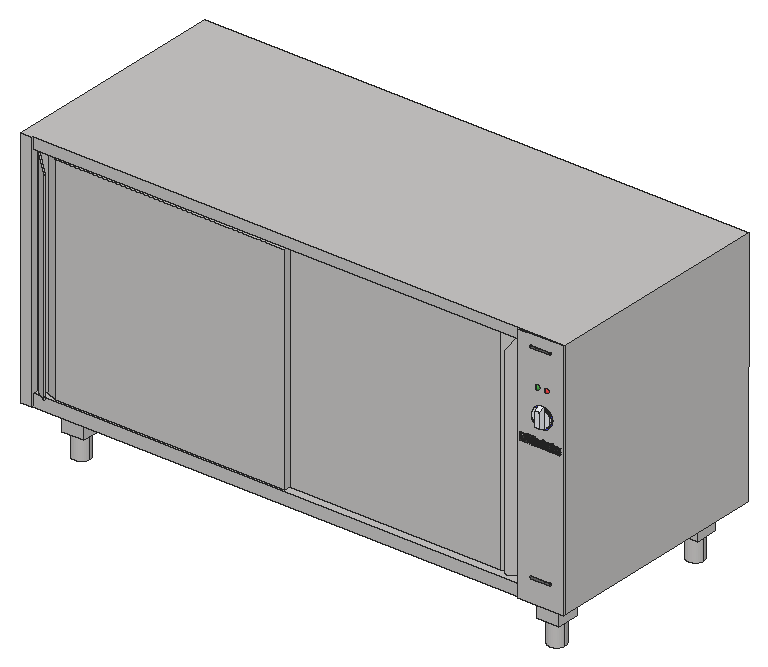
Revit family "QF_ELECTROLUXPROFESSIONAL_121908_TE2SE16", category Attrezzature speciali, Revit 2020
Family settings
  Quota connettore circolare = Usa diametro
  Tipo di parte = Normale
  Basato su piano di lavoro = No
  Sempre verticale = Sì
  Taglio con vuoti quando caricato = No
  Condiviso = No
  Punto di calcolo locali = No
Parameters (values of type "Standard")
  Weight = 102.00 kg
  Watts = 1800 W
  Volts = 230 V
  URL Manufacturer = "https://www.electroluxprofessional.com/"
  URL = "https://www.electroluxprofessional.com/"
  Steam Supply Size = 0 mm
  Steam Supply Minimum Pressure = 0.0 Pa
  Steam Supply Maximum Pressure = 0.0 Pa
  Steam Consumption per Hour = 0
  Refrigeration Suction Line Size = 0.0 mm
  Refrigeration Liquid Line Size = 0.0 mm
  Refrigerant Compressor Remote = yes
  Prospetto di default = 0.0 mm
  Phase = 1
  Modello = "TE2SE16"
  Produttore = "Electrolux Professional"
  Length Actual = 1600.0 mm  # constant formula
  Item Number = "121908"
  Hot Water Size = 0 mm
  Height Actual = 860.0 mm  # constant formula
  HP = "2.4 HP"
  Gas Size = 0 mm
  Gas KW = 0
  Gas Input Pressure = 0 W
  Direct Waste Size = 0 mm
  Descrizione = "HOT CUPBOARD WITH 2 SLIDING DOORS 1600MM"
  Depth Actual = 680.0 mm  # constant formula
  Cycle = 50 Hz
  Condensate Return Size = 0 mm
  Compressed Air Volume = 0.0 L/s
  Compressed Air Size = 0 mm
  Compressed Air Pressure = 0.0 Pa
  Cold Water Size = 0 mm
  Accessory = yes
Reference planes
  plane 1 "Center (Front/Back)": y = 0
  plane 2: z = 0
  plane 3 "Center (Left/Right)": x = -300
  plane 4 "LEFT": x = -1100
  plane 5 "RIGHT": x = 500
  plane 6 "BACK": y = 340
  plane 7 "FRONT": y = -340
  plane 8 "Base": z = 860
  plane 9 "TOP": z = 900
  plane 10: x = -1000
  plane 11: x = 400
  plane 12: y = 270
  plane 13: y = -240
  plane 14 "FEET": z = 150
  plane 15: x = -1066
  plane 16: y = -337
  plane 17: y = 310
  plane 18: x = 366
  plane 19 "EIy": x = 468
  plane 20 "EIx": y = -90
Forms (mm)
  Extrusion 1, solid, material "QF_Finishes_Stainless Steel"
    sketch origin (0, 0, 150) x (-1, 0, 0) y (0, -1, 0)
      loop
        line (1100, -340) -> (1100, 340) -> (1066, 340) -> (1066, -340) -> (1100, -340)
      loop
        line (-366, -340) -> (-366, 337) -> (-500, 337) -> (-500, -340) -> (-366, -340)
    from 0 to 710
  Extrusion 2, solid, material "QF_Finishes_Stainless Steel"
    sketch origin (0, 0, 150) x (-1, 0, 0) y (0, -1, 0)
      loop
        line (1066, -310) -> (1066, 337) -> (-366, 337) -> (-366, -310) -> (1066, -310)
    from 0 to 35
  Extrusion 3, solid, material "QF_Finishes_Stainless Steel"
    sketch origin (0, 0, 0) x (1, 0, 0) y (0, 1, 0)
      loop
        line (-1066, -337) -> (366, -337) -> (366, 340) -> (-1066, 340) -> (-1066, -337)
    from 830 to 860
  Extrusion 4, solid, material "QF_Finishes_Stainless Steel"
    sketch origin (0, 0, 150) x (-1, 0, 0) y (0, -1, 0)
      loop
        line (1066, -340) -> (1066, -310) -> (-366, -310) -> (-366, -340) -> (1066, -340)
    from 680 to 0
  Extrusion 5, solid, material "QF_Finishes_Stainless Steel"
    sketch origin (0, -340, 0) x (-1, 0, 0) y (0, 0, 1)
      loop
        line (301, 185) -> (301, 187) -> (299, 187) -> (299, 185) -> (301, 185)
    from 45 to 43
  Extrusion 6, solid, material "QF_Finishes_Stainless Steel"
    sketch origin (0, 0, 150) x (-1, 0, 0) y (0, -1, 0)
      loop
        circle (-468, 90) r 10
    from 0 to -5
  Extrusion 7, solid, material "QF_Finishes_Stainless Steel"
    sketch origin (0, 0, 150) x (-1, 0, 0) y (0, -1, 0)
      loop
        line (376.5, 317) -> (-298, 317) -> (-333, 302) -> (-363, 302) -> (-363, 297) -> (376.5, 297) -> (376.5, 317)
    from 675 to 40
  Extrusion 8, solid, material "QF_Finishes_Stainless Steel"
    sketch origin (0, 0, 150) x (-1, 0, 0) y (0, -1, 0)
      loop
        line (-321, 331) -> (-349, 316) -> (-363, 302) -> (-360.172, 302) -> (-347.795, 314.377) -> (-320.056, 329.237) -> (-321, 331)
    from 675 to 40
  Extrusion 9, solid, material "QF_Finishes_Stainless Steel"
    sketch origin (0, 0, 150) x (-1, 0, 0) y (0, -1, 0)
      loop
        line (323.481, 337) -> (323.481, 317) -> (1063, 317) -> (1063, 322) -> (1033, 322) -> (998, 337) -> (323.481, 337)
    from 675 to 40
  Extrusion 10, solid, material "QF_Finishes_Stainless Steel"
    sketch origin (0, 0, 150) x (-1, 0, 0) y (0, -1, 0)
      loop
        line (1021, 351) -> (1020.056, 349.237) -> (1047.795, 334.377) -> (1060.172, 322) -> (1063, 322) -> (1049, 336) -> (1021, 351)
    from 675 to 40
  Extrusion 11, void
    sketch origin (-318.5, -342.5, 2438.308) x (-1, 0, 0) y (0, 0, 1)
      loop
        line (697, -1610) -> (697, -1661.75) -> (731.5, -1610) -> (697, -1610)
      loop
        line (701.556, -2245) -> (711.556, -2245)
        arc (711.556, -2245) -> (704.484, -2242.071) -> (701.556, -2235) r 10
        line (701.556, -2235) -> (701.556, -2245)
    from -13.118 to 9.689
  Extrusion 12, void
    sketch origin (-481.5, -342.5, 2430) x (1, 0, 0) y (0, 0, -1)
      loop
        line (797, 1605) -> (831.5, 1605) -> (797, 1656.75) -> (797, 1605)
      loop
        line (801.556, 2240) -> (801.556, 2230)
        arc (801.556, 2230) -> (804.484, 2237.071) -> (811.556, 2240) r 10
        line (811.556, 2240) -> (801.556, 2240)
    from 5.5 to 29.918
Cuts and joins
  joined: Extrusion 1, Extrusion 3, Extrusion 4
  Extrusion 11 cuts Extrusion 10
  Extrusion 12 cuts Extrusion 8
Lines and regions (mm)
  symbolic lines, style "SpecialityEquipmentHiddenLines"
    curve 1: line (500, 340, 900) -> (-1100, 340, 900)
    curve 2: line (500, -340, 900) -> (500, 340, 900)
    curve 3: line (-1100, -344.5, 150) -> (-1100, 340, 150)
    curve 4: line (-1100, -340, 150) -> (-1066, -340, 150)
    curve 5: line (-1066, -340, 150) -> (-1066, -337, 150)
    curve 6: line (-1066, -337, 150) -> (366, -337, 150)
    curve 7: line (366, -337, 150) -> (366, -340, 150)
    curve 8: line (366, -340, 150) -> (500, -340, 150)
    curve 9: line (368, -340, 1600) -> (368, -337, 1600)
    curve 11: line (-1068, -337, 1600) -> (-1068, -340, 1600)
    curve 12: line (366, -297, 200) -> (-376.5, -297, 200)
    curve 13: line (-376.5, -297, 200) -> (-376.5, -317, 200)
    curve 14: line (299, -317, 200) -> (-1063, -317, 200)
    curve 18: line (-323.5, -317, 200) -> (-323.5, -337, 200)
    curve 19: line (298, -317, 1600) -> (333, -302, 1600)
    curve 20: line (333, -302, 1600) -> (363, -302, 1600)
    curve 21: line (363, -302, 1600) -> (363, -297, 1600)
    curve 22: line (320.958, -331.023, 1600) -> (348.999, -316.001, 1600)
    curve 23: line (348.999, -316.001, 1600) -> (363, -302, 1600)
    curve 24: line (360.172, -302, 1600) -> (347.795, -314.377, 1600)
    curve 25: line (347.795, -314.377, 1600) -> (319.992, -329.271, 1600)
    curve 26: line (319.992, -329.271, 1600) -> (320.958, -331.023, 1600)
    curve 27: line (-1063, -317, 1600) -> (-1063, -322, 1600)
    curve 28: line (-1063, -322, 1600) -> (-1049, -336, 1600)
    curve 29: line (-1049, -336, 1600) -> (-1047.133, -337, 1600)
    curve 30: line (-1042.884, -337, 1600) -> (-1047.955, -334.283, 1600)
    curve 31: line (-1047.955, -334.283, 1600) -> (-1060.239, -322, 1600)
    curve 32: line (-998, -337, 1600) -> (-1033, -322, 1600)
    curve 33: line (-1033, -322, 1600) -> (-1063, -322, 1600)
  symbolic lines, style "SpecialityEquipment"
    curve 10: line (368, -337, 1600) -> (-1068, -337, 1600)
    curve 15: line (-1047.133, -337, 1600) -> (-1020.985, -351.008, 1600)
    curve 16: line (-1020.985, -351.008, 1600) -> (-1020.038, -349.239, 1600)
    curve 17: line (-1042.884, -337, 1600) -> (-1020.038, -349.239, 1600)
Dimensions and locks
  plane 4 "LEFT" to plane 5 "RIGHT" = 1600.0 mm
  equal spacing: plane 4 "LEFT", plane 3 "Center (Left/Right)", plane 5 "RIGHT"
  plane 6 "BACK" to plane 7 "FRONT" = 680.0 mm
  equal spacing: plane 6 "BACK", plane 1 "Center (Front/Back)", plane 7 "FRONT"
  locked: plane 14 "FEET" to level at 150
  locked: plane 4 "LEFT" to plane 10 at 100
  locked: plane 11 to plane 5 "RIGHT" at 100
  locked: plane 4 "LEFT" to plane 15 at 34
  plane 16 to plane 7 "FRONT" = 3.0 mm
  plane 6 "BACK" to plane 17 = 30.0 mm
  locked: plane 6 "BACK" to plane 12 at 70
  locked: plane 13 to plane 7 "FRONT" at 100
  locked: plane 8 "Base" to level at 860
  locked: plane 9 "TOP" to level at 900
  locked: plane 18 to plane 5 "RIGHT" at 134
  locked: plane 19 "EIy" to plane 5 "RIGHT" at 32
  locked: plane 20 "EIx" to plane 7 "FRONT" at 250
  aligned and locked: level to plane 2
  aligned and locked: plane 10 to nested 1
  aligned and locked: plane 11 to nested 2
  aligned and locked: nested 4 to plane 12
  aligned and locked: plane 10 to nested 3
  aligned and locked: nested 3 to plane 12
  aligned and locked: plane 8 "Base" to Extrusion 1
  aligned and locked: plane 6 "BACK" to Extrusion 1 sketch curve
  aligned and locked: Extrusion 1 sketch curve to plane 6 "BACK"
  aligned and locked: Extrusion 1 sketch curve to plane 7 "FRONT"
  aligned and locked: plane 15 to Extrusion 1
  aligned and locked: Extrusion 2 to plane 15
  aligned and locked: plane 8 "Base" to Extrusion 3
  aligned and locked: Extrusion 2 to plane 16
  aligned and locked: Extrusion 2 to plane 17
  aligned and locked: Extrusion 3 to plane 16
  aligned and locked: plane 15 to Extrusion 4 sketch curve
  aligned and locked: Extrusion 4 sketch curve to plane 6 "BACK"
  aligned and locked: Extrusion 4 sketch curve to plane 17
  aligned and locked: Extrusion 4 to Extrusion 3
  aligned and locked: Extrusion 4 to plane 14 "FEET"
  aligned and locked: plane 6 "BACK" to Extrusion 3
  aligned and locked: nested 1 to plane 13
  aligned and locked: nested 2 to plane 13
  aligned and locked: plane 18 to Extrusion 3
  aligned and locked: Extrusion 2 sketch curve to plane 18
  aligned and locked: nested 4 to nested 2
Automatic sketch dimensions
  curve 2 to plane 5 "RIGHT" = 0.0 mm
  curve 2 to plane 7 "FRONT" = 0.0 mm
  curve 1 to plane 4 "LEFT" = 0.0 mm
  curve 1 to plane 6 "BACK" = 0.0 mm
  Extrusion 1 sketch curve to plane 5 "RIGHT" = 0.0 mm
  Extrusion 1 sketch curve to plane 16 = 0.0 mm
  Extrusion 1 sketch curve to plane 18 = 0.0 mm
  Extrusion 1 sketch curve to plane 15 = 0.0 mm
  Extrusion 1 sketch curve to plane 4 "LEFT" = 0.0 mm
  Extrusion 2 sketch curve to plane 15 = 0.0 mm
  plane 17 to Extrusion 2 sketch curve = 0.0 mm
  Extrusion 2 sketch curve to plane 16 = 0.0 mm
  curve 8 to plane 5 "RIGHT" = 0.0 mm
  curve 8 to plane 7 "FRONT" = 0.0 mm
  curve 8 to plane 18 = 0.0 mm
  curve 6 to plane 15 = 0.0 mm
  curve 3 to plane 4 "LEFT" = 0.0 mm
  curve 3 to plane 6 "BACK" = 0.0 mm
  curve 6 to plane 16 = 0.0 mm
  curve 4 to plane 7 "FRONT" = 0.0 mm
  curve 3 to plane 7 "FRONT" = 4.5 mm
  Extrusion 3 sketch curve to plane 6 "BACK" = 0.0 mm
  Extrusion 3 sketch curve to plane 15 = 0.0 mm
  Extrusion 3 sketch curve to plane 18 = 0.0 mm
  Extrusion 3 sketch curve to plane 16 = 0.0 mm
  Extrusion 4 sketch curve to plane 18 = 0.0 mm
  plane 3 "Center (Left/Right)" to Extrusion 5 sketch curve = 1.0 mm
  Extrusion 5 sketch curve to plane 3 "Center (Left/Right)" = 1.0 mm
  plane 14 "FEET" to Extrusion 5 sketch curve = 35.0 mm
  Extrusion 5 sketch curve to Extrusion 5 sketch curve = 2.0 mm
  Extrusion 6 sketch curve to plane 19 "EIy" = 0.0 mm
  Extrusion 6 sketch curve to plane 20 "EIx" = 0.0 mm
  Extrusion 7 sketch curve to plane 18 = 3.0 mm
  Extrusion 7 sketch curve to Extrusion 7 sketch curve = 30.0 mm
  Extrusion 7 sketch curve to Extrusion 7 sketch curve = 35.0 mm
  Extrusion 7 sketch curve to plane 3 "Center (Left/Right)" = 76.5 mm
  plane 16 to Extrusion 7 sketch curve = 40.0 mm
  Extrusion 7 sketch curve to Extrusion 7 sketch curve = 5.0 mm
  Extrusion 7 sketch curve to Extrusion 7 sketch curve = 20.0 mm
  Extrusion 8 sketch curve to plane 18 = 3.0 mm
  Extrusion 8 sketch curve to Extrusion 8 sketch curve = 2.828 mm
  Extrusion 8 sketch curve to plane 18 = 17.0 mm
  Extrusion 8 sketch curve to Extrusion 8 sketch curve = 1.205 mm
  plane 16 to Extrusion 8 sketch curve = 6.0 mm
  Extrusion 8 sketch curve to Extrusion 8 sketch curve = 26.795 mm
  plane 16 to Extrusion 8 sketch curve = 7.763 mm
  Extrusion 8 sketch curve to Extrusion 8 sketch curve = 0.944 mm
  Extrusion 8 sketch curve to Extrusion 8 sketch curve = 12.377 mm
  Extrusion 9 sketch curve to plane 16 = 0.0 mm
  Extrusion 9 sketch curve to plane 3 "Center (Left/Right)" = 23.481 mm
  plane 10 to Extrusion 9 sketch curve = 2.0 mm
  plane 16 to Extrusion 9 sketch curve = 15.0 mm
  Extrusion 9 sketch curve to plane 10 = 33.0 mm
  plane 15 to Extrusion 9 sketch curve = 3.0 mm
  Extrusion 9 sketch curve to Extrusion 9 sketch curve = 20.0 mm
  Extrusion 10 sketch curve to plane 10 = 20.056 mm
  Extrusion 10 sketch curve to plane 7 "FRONT" = 11.0 mm
  Extrusion 10 sketch curve to Extrusion 10 sketch curve = 0.944 mm
  plane 16 to Extrusion 10 sketch curve = 2.623 mm
  plane 15 to Extrusion 10 sketch curve = 18.205 mm
  plane 16 to Extrusion 10 sketch curve = 1.0 mm
  plane 15 to Extrusion 10 sketch curve = 5.828 mm
  Extrusion 10 sketch curve to Extrusion 10 sketch curve = 2.828 mm
  plane 16 to Extrusion 10 sketch curve = 15.0 mm
  curve 9 to plane 16 = 0.0 mm
  curve 9 to plane 7 "FRONT" = 0.0 mm
  curve 11 to plane 7 "FRONT" = 0.0 mm
  plane 18 to curve 9 = 2.0 mm
  curve 23 to plane 18 = 3.0 mm
  curve 23 to plane 18 = 17.001 mm
  curve 22 to curve 25 = 1.204 mm
  curve 24 to curve 19 = 14.795 mm
  plane 16 to curve 22 = 5.977 mm
  curve 19 to curve 22 = 12.042 mm
  plane 16 to curve 25 = 7.729 mm
  curve 22 to curve 25 = 0.966 mm
  curve 16 to plane 7 "FRONT" = 9.239 mm
  curve 16 to plane 10 = 20.038 mm
  curve 16 to plane 7 "FRONT" = 11.008 mm
  curve 16 to curve 16 = 0.948 mm
  curve 33 to curve 17 = 9.884 mm
  plane 16 to curve 30 = 2.717 mm
  curve 15 to curve 30 = 0.822 mm
  plane 16 to curve 29 = 1.0 mm
  curve 30 to curve 29 = 1.045 mm
  plane 15 to curve 33 = 3.0 mm
  curve 11 to plane 15 = 2.0 mm
  plane 16 to curve 33 = 15.0 mm
  plane 16 to curve 23 = 20.999 mm
  curve 25 to curve 22 = 1.624 mm
  curve 19 to curve 24 = 12.377 mm
  curve 20 to curve 24 = 2.828 mm
  plane 16 to curve 19 = 20.0 mm
  curve 25 to curve 19 = 21.992 mm
  plane 10 to curve 32 = 2.0 mm
  curve 30 to curve 17 = 0.0 mm
  curve 29 to curve 15 = 0.0 mm
  curve 31 to curve 27 = 2.761 mm
  curve 27 to curve 27 = 5.0 mm
  curve 21 to curve 20 = 5.0 mm
  curve 12 to plane 18 = 0.0 mm
  curve 18 to plane 16 = 0.0 mm
  curve 13 to plane 3 "Center (Left/Right)" = 76.5 mm
  plane 16 to curve 13 = 40.0 mm
  plane 16 to curve 14 = 20.0 mm
  curve 14 to plane 18 = 67.0 mm
  curve 18 to plane 3 "Center (Left/Right)" = 23.5 mm
  plane 15 to curve 14 = 3.0 mm
  Extrusion 11 sketch curve to plane 10 = 15.5 mm
  Extrusion 11 sketch curve to plane 10 = 20.056 mm
  Extrusion 11 sketch curve to Extrusion 11 sketch curve = 10.0 mm
  plane 15 to Extrusion 11 sketch curve = 16.0 mm
  plane 14 "FEET" to Extrusion 11 sketch curve = 43.308 mm
  Extrusion 11 sketch curve to plane 8 "Base" = 83.442 mm
  Extrusion 11 sketch curve to plane 8 "Base" = 31.692 mm
  Extrusion 12 sketch curve to plane 18 = 50.5 mm
  Extrusion 12 sketch curve to plane 18 = 45.944 mm
  Extrusion 12 sketch curve to Extrusion 12 sketch curve = 10.0 mm
  Extrusion 12 sketch curve to plane 18 = 16.0 mm
  Extrusion 12 sketch curve to plane 8 "Base" = 35.0 mm
  Extrusion 12 sketch curve to Extrusion 12 sketch curve = 51.75 mm
  plane 14 "FEET" to Extrusion 12 sketch curve = 50.0 mm
  radius of Extrusion 6 sketch curve = 10.0 mm
Nested families
  nested 1: "FEET_L65-150" at (-1000, -240, 0), type "FEET_L65-150"
  nested 2: "FEET_L65-150" at (400, -240, 0), type "FEET_L65-150"
  nested 3: "FEET_L65-150" at (-1000, 270, 0), type "FEET_L65-150"
  nested 4: "FEET_L65-150" at (400, 270, 0), type "FEET_L65-150"
  nested 5: "PANEL_ELX_HOTCUP_134" at (396.958, -337, 150) x (1, 0, 0) z (0, -1, 0), type "PANEL_ELX_HOTCUP_134"
    with Width 134.0 mm, Show Clearance yes
Connectors
  electrical at (468, -90, 145), driven by "Volts"
    settings: on Extrusion 6, index 1, voltage 230 V, apparent load 0 VA, apparent load phase1 0 VA, apparent load phase2 0 VA, apparent load phase3 0 VA, power factor 1, load classification "Other", number of poles 1, system type 30, power factor state 1, is connector primary yes, connector utility no, sub classification motor no, connector description "Electrical Connection"
Definition of nested family "FEET_L65-150"
  Parameters
    Default Elevation = 0.0 mm
    FEET = 150.0 mm
  Reference planes
    plane 1 "Center (Front/Back)": y = 0
    plane 2: z = 0
    plane 3 "Center (Left/Right)": x = 0
    plane 4: z = 150
  Forms (mm)
    Extrusion 1, solid
      sketch origin (0, 0, 0) x (1, 0, 0) y (0, 1, 0)
        loop
          circle (0, 0) r 25
      from 0 to 67
    Extrusion 2, solid
      sketch origin (0, 0, 0) x (1, 0, 0) y (0, 1, 0)
        loop
          line (32.561, 32.5) -> (-32.439, 32.5) -> (-32.439, -32.5) -> (32.561, -32.5) -> (32.561, 32.5)
      from 67 to 150 <- "FEET"
  Lines and regions (mm)
    symbolic lines
      curve 1: line (0, -1.503, 0) -> (0, 1.508, 0)
      curve 2: line (1.561, 0, 0) -> (-1.439, 0, 0)
  Dimensions and locks
    "FEET": plane 4 to plane 2
    aligned and locked: level to plane 2
  Automatic sketch dimensions
    plane 1 "Center (Front/Back)" to Extrusion 1 sketch curve = 0.0 mm
    Extrusion 1 sketch curve to plane 3 "Center (Left/Right)" = 0.0 mm
    plane 1 "Center (Front/Back)" to curve 2 = 0.0 mm
    curve 1 to plane 3 "Center (Left/Right)" = 0.0 mm
    curve 2 to plane 3 "Center (Left/Right)" = 1.439 mm
    plane 3 "Center (Left/Right)" to curve 2 = 1.561 mm
    plane 1 "Center (Front/Back)" to curve 1 = 1.503 mm
    curve 1 to plane 1 "Center (Front/Back)" = 1.508 mm
    Extrusion 2 sketch curve to plane 1 "Center (Front/Back)" = 32.5 mm
    Extrusion 2 sketch curve to plane 3 "Center (Left/Right)" = 32.439 mm
    plane 3 "Center (Left/Right)" to Extrusion 2 sketch curve = 32.561 mm
    plane 1 "Center (Front/Back)" to Extrusion 2 sketch curve = 32.5 mm
    radius of Extrusion 1 sketch curve = 25.0 mm
Definition of nested family "PANEL_ELX_HOTCUP_134"
  Parameters
    Width [instance] = 134.0 mm
    Show Clearance [instance] = yes
    Model = "727995"
    Height = 710.0 mm
    Default Elevation = 0.0 mm
  Reference planes
    plane 1 "Center (Front/Back)": y = 0
    plane 2: z = 0
    plane 3 "Center (Left/Right)": x = 36.042
    plane 4 "panel": z = 3
    plane 5 "Left": x = -30.958
    plane 6 "Right": x = 103.042
    plane 7: y = 710
    plane 8 "L1": x = 26.042
    plane 9 "L2": x = 54.042
    plane 10: y = 575
  Forms (mm)
    Extrusion 1, solid
      sketch origin (0, -919.2, 0) x (1, 0, 0) y (0, 1, 0)
        loop
          line (-980.5, 2119.2) -> (-980.5, -162.846) -> (881.94, -162.846) -> (881.94, 2119.2) -> (-980.5, 2119.2)
      from 0 to -59.546
    Extrusion 2, solid
      sketch origin (36.042, -190, 0) x (0, 1, 0) y (0, 0, 1)
        loop
          line (190, 3) -> (190, 0) -> (900, 0) -> (900, 3) -> (190, 3)
      from 67 to -67
    Extrusion 3, solid
      sketch origin (0, 0, 0) x (1, 0, 0) y (0, 1, 0)
        loop
          line (9.042, 673.5) -> (63.042, 673.5)
          arc (63.042, 673.5) -> (66.042, 676.5) -> (63.042, 679.5) r 3
          line (63.042, 679.5) -> (9.042, 679.5)
          arc (9.042, 679.5) -> (6.042, 676.5) -> (9.042, 673.5) r 3
        loop
          line (9.042, 65) -> (63.042, 65)
          arc (63.042, 65) -> (66.042, 68) -> (63.042, 71) r 3
          line (63.042, 71) -> (9.042, 71)
          arc (9.042, 71) -> (6.042, 68) -> (9.042, 65) r 3
      from 3 to 4.6
    Extrusion 4, solid
      sketch origin (0, 0, 0) x (1, 0, 0) y (0, 1, 0)
        loop
          circle (40.042, 500) r 30
      from 0 to 5
    Extrusion 5, solid
      sketch origin (0, 0, 0) x (1, 0, 0) y (0, 1, 0)
        loop
          circle (40.042, 500) r 26.788
      from 7 to 5
    Blend 6, solid
      base sketch origin (0, 0, 0) x (1, 0, 0) y (0, 1, 0)
        loop
          arc (48.106, 530.45) -> (40.022, 531.5) -> (31.94, 530.44) r 31.5
          line (31.94, 530.44) -> (31.94, 474.458)
          arc (31.94, 474.458) -> (40.023, 473.209) -> (48.106, 474.454) r 26.815
          line (48.106, 474.454) -> (48.106, 530.45)
      top sketch origin (0, 0, 0) x (1, 0, 0) y (0, 1, 0)
        loop
          arc (47.007, 520.889) -> (40.042, 522.019) -> (33.077, 520.889) r 22.019
          line (33.077, 520.889) -> (33.077, 480.699)
          arc (33.077, 480.699) -> (40.042, 479.481) -> (47.007, 480.699) r 20.519
          line (47.007, 480.699) -> (47.007, 520.889)
      from 7 to 20
    Revolve 7, solid
      sketch origin (26.042, 0, 0) x (0, 1, 0) y (0, 0, 1)
        loop
          line (575, 3) -> (581, 3)
          arc (581, 3) -> (578.606, 5.908) -> (575, 7) r 6.5
          line (575, 7) -> (575, 3)
        axis (575, 7) -> (575, 3)
      angle from 0 to 360
    Revolve 8, solid
      sketch origin (54.042, 0, 0) x (0, 1, 0) y (0, 0, 1)
        loop
          line (575, 3) -> (581, 3)
          arc (581, 3) -> (578.606, 5.908) -> (575, 7) r 6.5
          line (575, 7) -> (575, 3)
        axis (575, 7) -> (575, 3)
      angle from 0 to 360
  Dimensions and locks
    plane 4 "panel" to level = 3.0 mm
    "Width": plane 5 "Left" to plane 6 "Right"
    equal spacing: plane 5 "Left", plane 3 "Center (Left/Right)", plane 6 "Right"
    "Height": plane 1 "Center (Front/Back)" to plane 7
    aligned and locked: plane 2 to Extrusion 1
    aligned and locked: level to Extrusion 1
    aligned and locked: plane 7 to Extrusion 2
    aligned and locked: plane 6 "Right" to Extrusion 2
    aligned and locked: Extrusion 2 to plane 5 "Left"
    aligned and locked: plane 1 "Center (Front/Back)" to Extrusion 2
  Automatic sketch dimensions
    Extrusion 1 sketch curve to Extrusion 1 sketch curve = 1862.44 mm
    Extrusion 1 sketch curve to Extrusion 1 sketch curve = 2282.046 mm
    Extrusion 2 sketch curve to plane 1 "Center (Front/Back)" = 0.0 mm
    Extrusion 2 sketch curve to level = 0.0 mm
    Extrusion 2 sketch curve to plane 7 = 0.0 mm
    Extrusion 2 sketch curve to plane 4 "panel" = 0.0 mm
    Extrusion 3 sketch curve to plane 8 "L1" = 17.0 mm  (x2)
    plane 9 "L2" to Extrusion 3 sketch curve = 9.0 mm  (x2)
    Extrusion 3 sketch curve to plane 1 "Center (Front/Back)" = 65.0 mm
    Extrusion 3 sketch curve to Extrusion 3 sketch curve = 3.0 mm  (x2)
    Extrusion 3 sketch curve to plane 7 = 36.5 mm
    plane 3 "Center (Left/Right)" to Extrusion 4 sketch curve = 4.0 mm
    Extrusion 4 sketch curve to plane 10 = 75.0 mm
    plane 3 "Center (Left/Right)" to Extrusion 5 sketch curve = 4.0 mm
    Extrusion 5 sketch curve to plane 10 = 75.0 mm
    Blend 6 sketch curve to plane 3 "Center (Left/Right)" = 4.102 mm
    plane 3 "Center (Left/Right)" to Blend 6 sketch curve = 3.988 mm
    Blend 6 sketch curve to Blend 6 sketch curve = 0.012 mm
    Blend 6 sketch curve to plane 9 "L2" = 5.936 mm
    Blend 6 sketch curve to plane 10 = 100.546 mm
    Blend 6 sketch curve to Blend 6 sketch curve = 0.004 mm
    Blend 6 sketch curve to Blend 6 sketch curve = 0.024 mm
    Blend 6 sketch curve to Blend 6 sketch curve = 30.416 mm
    Blend 6 sketch curve to Blend 6 sketch curve = 0.0 mm  (x2)
    Blend 6 sketch curve to plane 3 "Center (Left/Right)" = 2.965 mm
    plane 3 "Center (Left/Right)" to Blend 6 sketch curve = 4.0 mm
    Blend 6 sketch curve to plane 9 "L2" = 7.035 mm
    Blend 6 sketch curve to plane 10 = 94.301 mm
    Blend 6 sketch curve to Blend 6 sketch curve = 19.301 mm
    Blend 6 sketch curve to Blend 6 sketch curve = 20.889 mm
    Revolve 7 sketch curve to plane 4 "panel" = 0.0 mm
    Revolve 7 sketch curve to plane 10 = 0.0 mm  (x2)
    plane 10 to Revolve 7 sketch curve = 6.0 mm
    level to Revolve 7 sketch curve = 0.5 mm
    Revolve 7 sketch curve to Revolve 7 sketch curve = 0.57 mm
    Revolve 7 sketch curve to Revolve 7 sketch curve = 2.941 mm
    Revolve 8 sketch curve to plane 4 "panel" = 0.0 mm
    Revolve 8 sketch curve to plane 10 = 0.0 mm  (x2)
    plane 10 to Revolve 8 sketch curve = 6.0 mm
    level to Revolve 8 sketch curve = 0.5 mm
    Revolve 8 sketch curve to Revolve 8 sketch curve = 0.57 mm
    Revolve 8 sketch curve to Revolve 8 sketch curve = 2.941 mm
    radius of Extrusion 4 sketch curve = 30.0 mm
    radius of Extrusion 5 sketch curve = 26.788 mm
  Nested families
    nested 1: "ELX_Professional_Logo_Small" at (36.042, 430.35, 3), type "ELX_Professional_Logo_Small"
      with Show Logo yes, Material_Logo none
  Definition of nested family "ELX_Professional_Logo_Small"
    Parameters
      Show Logo [instance] = yes
      Material_Logo [instance] = none
      Default Elevation = 0.0 mm
    Reference planes
      plane 1 "Centro (Fronte/Retro)": y = 0
      plane 2: z = 0
      plane 3 "Centro (Sinistra/Destra)": x = 0
    Forms (mm)
      Extrusion 1, solid
        sketch origin (0, 0, 0) x (1, 0, 0) y (0, 1, 0)
          loop
            line (-1219.2, 1219.2) -> (-1219.2, -1219.2) -> (1219.2, -1219.2) -> (1219.2, 1219.2) -> (-1219.2, 1219.2)
        from 0 to -304.8
      Extrusion 2, solid, material <- "Material_Logo"
        sketch origin (15.5, 0, 0) x (1, 0, 0) y (0, 1, 0)
          loop
            spline (-42.99, -1.24) -> (-43.195, -1.231) -> (-43.415, -1.203) -> (-43.642, -1.152) -> (-43.87, -1.074) -> (-44.095, -0.966) -> (-44.309, -0.825) -> (-44.506, -0.647) -> (-44.681, -0.429) -> (-44.828, -0.167) -> (-44.94, 0.142) -> (-45.011, 0.501) -> (-45.037, 0.915)
            line (-45.037, 0.915) -> (-45.037, 2.748) -> (-38.984, 2.748) -> (-38.984, 5.086) -> (-45.038, 5.086) -> (-45.038, 8.489) -> (-38.599, 8.489) -> (-38.599, 10.82) -> (-47.515, 10.82) -> (-47.515, 1.021)
            spline (-47.515, 1.021) -> (-47.493, 0.418) -> (-47.425, -0.15) -> (-47.311, -0.682) -> (-47.15, -1.175) -> (-46.939, -1.628) -> (-46.678, -2.038) -> (-46.365, -2.404) -> (-46, -2.723) -> (-45.58, -2.995) -> (-45.105, -3.216) -> (-44.573, -3.385) -> (-43.983, -3.499)
            line (-43.983, -3.499) -> (-43.01, -3.569) -> (-38.426, -3.569) -> (-38.426, -1.24) -> (-42.99, -1.24)
          loop
            line (-36.666, 4.021) -> (-36.666, -3.573) -> (-34.188, -3.573) -> (-34.188, 10.824) -> (-36.666, 10.824) -> (-36.666, 4.021)
          loop
            spline (-21.915, 1.897) -> (-21.957, 2.615) -> (-22.082, 3.303) -> (-22.285, 3.955) -> (-22.563, 4.564) -> (-22.913, 5.124) -> (-23.331, 5.629) -> (-23.814, 6.074) -> (-24.359, 6.451) -> (-24.961, 6.755) -> (-25.618, 6.98) -> (-26.326, 7.119) -> (-27.081, 7.167)
            spline (-27.081, 7.167) -> (-27.853, 7.122) -> (-28.586, 6.99) -> (-29.275, 6.774) -> (-29.915, 6.478) -> (-30.5, 6.104) -> (-31.024, 5.657) -> (-31.483, 5.138) -> (-31.871, 4.553) -> (-32.182, 3.904) -> (-32.411, 3.194) -> (-32.552, 2.427) -> (-32.6, 1.606)
            spline (-32.6, 1.606) -> (-32.553, 0.805) -> (-32.416, 0.057) -> (-32.193, -0.637) -> (-31.887, -1.271) -> (-31.504, -1.843) -> (-31.048, -2.35) -> (-30.523, -2.788) -> (-29.934, -3.154) -> (-29.284, -3.444) -> (-28.579, -3.656) -> (-27.822, -3.785) -> (-27.019, -3.829)
            spline (-27.019, -3.829) -> (-26.627, -3.82) -> (-26.239, -3.79) -> (-25.856, -3.739) -> (-25.477, -3.663) -> (-25.103, -3.562) -> (-24.734, -3.432) -> (-24.369, -3.273) -> (-24.01, -3.082) -> (-23.655, -2.858) -> (-23.305, -2.597) -> (-22.96, -2.299) -> (-22.621, -1.962)
            line (-22.621, -1.962) -> (-24.114, -0.509)
            spline (-24.114, -0.509) -> (-24.311, -0.699) -> (-24.509, -0.872) -> (-24.71, -1.03) -> (-24.915, -1.172) -> (-25.126, -1.297) -> (-25.346, -1.407) -> (-25.576, -1.5) -> (-25.817, -1.576) -> (-26.072, -1.636) -> (-26.342, -1.678) -> (-26.629, -1.704) -> (-26.936, -1.713)
            spline (-26.936, -1.713) -> (-27.384, -1.691) -> (-27.805, -1.625) -> (-28.196, -1.518) -> (-28.556, -1.372) -> (-28.882, -1.187) -> (-29.174, -0.966) -> (-29.429, -0.71) -> (-29.645, -0.422) -> (-29.821, -0.102) -> (-29.955, 0.247) -> (-30.045, 0.623) -> (-30.089, 1.026)
            line (-30.089, 1.026) -> (-21.956, 1.026) -> (-21.915, 1.897)
          loop
            spline (-24.446, 2.769) -> (-24.47, 3.075) -> (-24.54, 3.37) -> (-24.654, 3.65) -> (-24.807, 3.913) -> (-24.996, 4.156) -> (-25.219, 4.376) -> (-25.472, 4.57) -> (-25.753, 4.736) -> (-26.057, 4.869) -> (-26.382, 4.968) -> (-26.724, 5.03) -> (-27.081, 5.051)
            spline (-27.081, 5.051) -> (-27.464, 5.03) -> (-27.832, 4.97) -> (-28.183, 4.872) -> (-28.513, 4.74) -> (-28.819, 4.577) -> (-29.099, 4.384) -> (-29.347, 4.165) -> (-29.563, 3.923) -> (-29.742, 3.659) -> (-29.881, 3.377) -> (-29.977, 3.079) -> (-30.027, 2.769)
            line (-30.027, 2.769) -> (-24.446, 2.769)
          loop
            spline (-18.167, 1.669) -> (-18.138, 2.13) -> (-18.055, 2.567) -> (-17.921, 2.978) -> (-17.739, 3.358) -> (-17.512, 3.705) -> (-17.243, 4.016) -> (-16.937, 4.287) -> (-16.596, 4.517) -> (-16.223, 4.7) -> (-15.823, 4.835) -> (-15.398, 4.919) -> (-14.951, 4.947)
            spline (-14.951, 4.947) -> (-14.677, 4.938) -> (-14.414, 4.913) -> (-14.162, 4.871) -> (-13.921, 4.812) -> (-13.69, 4.738) -> (-13.467, 4.649) -> (-13.254, 4.544) -> (-13.048, 4.424) -> (-12.85, 4.291) -> (-12.659, 4.143) -> (-12.474, 3.981) -> (-12.295, 3.806)
            line (-12.295, 3.806) -> (-10.76, 5.403)
            spline (-10.76, 5.403) -> (-11.065, 5.709) -> (-11.38, 5.984) -> (-11.703, 6.228) -> (-12.035, 6.443) -> (-12.375, 6.63) -> (-12.723, 6.788) -> (-13.078, 6.92) -> (-13.44, 7.026) -> (-13.809, 7.107) -> (-14.184, 7.164) -> (-14.564, 7.198) -> (-14.951, 7.209)
            spline (-14.951, 7.209) -> (-15.725, 7.161) -> (-16.467, 7.02) -> (-17.169, 6.792) -> (-17.826, 6.482) -> (-18.43, 6.096) -> (-18.976, 5.637) -> (-19.455, 5.112) -> (-19.862, 4.525) -> (-20.19, 3.882) -> (-20.433, 3.189) -> (-20.584, 2.449) -> (-20.635, 1.669)
            spline (-20.635, 1.669) -> (-20.584, 0.889) -> (-20.433, 0.149) -> (-20.19, -0.545) -> (-19.862, -1.187) -> (-19.455, -1.774) -> (-18.976, -2.299) -> (-18.43, -2.758) -> (-17.826, -3.145) -> (-17.169, -3.454) -> (-16.467, -3.682) -> (-15.725, -3.823) -> (-14.951, -3.871)
            spline (-14.951, -3.871) -> (-14.564, -3.86) -> (-14.184, -3.826) -> (-13.809, -3.77) -> (-13.44, -3.689) -> (-13.078, -3.583) -> (-12.723, -3.451) -> (-12.375, -3.292) -> (-12.035, -3.105) -> (-11.703, -2.89) -> (-11.38, -2.646) -> (-11.065, -2.371) -> (-10.76, -2.066)
            line (-10.76, -2.066) -> (-12.295, -0.468)
            spline (-12.295, -0.468) -> (-12.474, -0.643) -> (-12.659, -0.805) -> (-12.85, -0.953) -> (-13.048, -1.087) -> (-13.254, -1.206) -> (-13.467, -1.311) -> (-13.69, -1.4) -> (-13.921, -1.475) -> (-14.162, -1.533) -> (-14.414, -1.575) -> (-14.677, -1.6) -> (-14.951, -1.609)
            spline (-14.951, -1.609) -> (-15.398, -1.581) -> (-15.823, -1.497) -> (-16.223, -1.362) -> (-16.596, -1.179) -> (-16.937, -0.95) -> (-17.243, -0.678) -> (-17.512, -0.367) -> (-17.739, -0.02) -> (-17.921, 0.36) -> (-18.055, 0.771) -> (-18.138, 1.208) -> (-18.167, 1.669)
          loop
            spline (-4.441, -1.243) -> (-4.659, -1.247) -> (-4.894, -1.23) -> (-5.137, -1.19) -> (-5.384, -1.121) -> (-5.628, -1.021) -> (-5.864, -0.884) -> (-6.084, -0.708) -> (-6.283, -0.488) -> (-6.454, -0.219) -> (-6.592, 0.101) -> (-6.69, 0.478) -> (-6.742, 0.914)
            line (-6.742, 0.914) -> (-6.742, 4.587) -> (-4.487, 4.587) -> (-4.487, 6.838) -> (-6.738, 6.838) -> (-6.738, 10.824) -> (-9.217, 10.824) -> (-9.217, 0.773)
            spline (-9.217, 0.773) -> (-9.164, 0.19) -> (-9.068, -0.358) -> (-8.928, -0.87) -> (-8.742, -1.343) -> (-8.511, -1.777) -> (-8.232, -2.168) -> (-7.904, -2.515) -> (-7.527, -2.816) -> (-7.098, -3.069) -> (-6.618, -3.273) -> (-6.084, -3.426) -> (-5.496, -3.525)
            line (-5.496, -3.525) -> (-4.45, -3.573) -> (-4.441, -1.243)
          loop
            spline (3.898, 6.983) -> (3.469, 7.009) -> (3.056, 7.001) -> (2.661, 6.961) -> (2.283, 6.888) -> (1.925, 6.785) -> (1.588, 6.652) -> (1.272, 6.49) -> (0.979, 6.301) -> (0.71, 6.085) -> (0.465, 5.844) -> (0.247, 5.578) -> (0.056, 5.289)
            line (0.056, 5.289) -> (0.056, 6.838) -> (-2.402, 6.838) -> (-2.402, -3.572) -> (0.056, -3.572) -> (0.056, 1.901)
            spline (0.056, 1.901) -> (0.079, 2.316) -> (0.145, 2.703) -> (0.254, 3.06) -> (0.404, 3.386) -> (0.592, 3.679) -> (0.818, 3.938) -> (1.08, 4.162) -> (1.375, 4.348) -> (1.703, 4.495) -> (2.062, 4.602) -> (2.45, 4.668) -> (2.865, 4.69)
            line (2.865, 4.69) -> (3.898, 4.586) -> (3.898, 6.983)
          loop
            spline (15.638, 1.633) -> (15.586, 2.396) -> (15.435, 3.124) -> (15.192, 3.81) -> (14.863, 4.449) -> (14.455, 5.034) -> (13.975, 5.56) -> (13.43, 6.021) -> (12.826, 6.411) -> (12.17, 6.724) -> (11.469, 6.955) -> (10.729, 7.098) -> (9.958, 7.147)
            spline (9.958, 7.147) -> (9.182, 7.098) -> (8.44, 6.955) -> (7.737, 6.724) -> (7.081, 6.411) -> (6.477, 6.021) -> (5.933, 5.56) -> (5.454, 5.034) -> (5.048, 4.449) -> (4.721, 3.81) -> (4.479, 3.124) -> (4.329, 2.396) -> (4.277, 1.633)
            spline (4.277, 1.633) -> (4.329, 0.869) -> (4.479, 0.141) -> (4.721, -0.544) -> (5.048, -1.183) -> (5.454, -1.768) -> (5.933, -2.294) -> (6.477, -2.755) -> (7.081, -3.145) -> (7.737, -3.459) -> (8.44, -3.69) -> (9.182, -3.833) -> (9.958, -3.882)
            spline (9.958, -3.882) -> (10.729, -3.833) -> (11.469, -3.69) -> (12.17, -3.459) -> (12.826, -3.145) -> (13.43, -2.755) -> (13.975, -2.294) -> (14.455, -1.768) -> (14.863, -1.183) -> (15.192, -0.544) -> (15.435, 0.141) -> (15.586, 0.869) -> (15.638, 1.633)
          loop
            spline (13.18, 1.633) -> (13.151, 2.083) -> (13.067, 2.513) -> (12.932, 2.918) -> (12.748, 3.296) -> (12.52, 3.642) -> (12.251, 3.954) -> (11.943, 4.227) -> (11.601, 4.459) -> (11.228, 4.645) -> (10.828, 4.782) -> (10.403, 4.867) -> (9.958, 4.896)
            spline (9.958, 4.896) -> (9.509, 4.867) -> (9.081, 4.782) -> (8.679, 4.645) -> (8.306, 4.459) -> (7.964, 4.227) -> (7.658, 3.954) -> (7.39, 3.642) -> (7.163, 3.296) -> (6.981, 2.918) -> (6.847, 2.513) -> (6.765, 2.083) -> (6.736, 1.633)
            spline (6.736, 1.633) -> (6.765, 1.182) -> (6.847, 0.753) -> (6.981, 0.347) -> (7.163, -0.031) -> (7.39, -0.377) -> (7.658, -0.689) -> (7.964, -0.962) -> (8.306, -1.193) -> (8.679, -1.38) -> (9.081, -1.517) -> (9.509, -1.602) -> (9.958, -1.631)
            spline (9.958, -1.631) -> (10.403, -1.602) -> (10.828, -1.517) -> (11.228, -1.38) -> (11.601, -1.193) -> (11.943, -0.962) -> (12.251, -0.689) -> (12.52, -0.377) -> (12.748, -0.031) -> (12.932, 0.347) -> (13.067, 0.753) -> (13.151, 1.182) -> (13.18, 1.633)
          loop
            line (17.162, 4.269) -> (17.162, -3.573) -> (19.642, -3.573) -> (19.642, 10.824) -> (17.162, 10.824) -> (17.162, 4.269)
          loop
            line (28.581, 6.838) -> (28.581, 0.786)
            spline (28.581, 0.786) -> (28.561, 0.393) -> (28.503, 0.038) -> (28.409, -0.279) -> (28.281, -0.559) -> (28.122, -0.802) -> (27.933, -1.011) -> (27.717, -1.185) -> (27.476, -1.325) -> (27.213, -1.433) -> (26.929, -1.509) -> (26.626, -1.554) -> (26.308, -1.569)
            spline (26.308, -1.569) -> (25.99, -1.554) -> (25.688, -1.509) -> (25.404, -1.434) -> (25.141, -1.326) -> (24.9, -1.187) -> (24.684, -1.014) -> (24.496, -0.807) -> (24.336, -0.565) -> (24.209, -0.288) -> (24.115, 0.026) -> (24.057, 0.376) -> (24.037, 0.765)
            line (24.037, 0.765) -> (24.037, 6.838) -> (21.537, 6.838) -> (21.537, 0.558)
            spline (21.537, 0.558) -> (21.581, -0.153) -> (21.71, -0.8) -> (21.916, -1.384) -> (22.195, -1.904) -> (22.54, -2.362) -> (22.944, -2.757) -> (23.403, -3.09) -> (23.909, -3.362) -> (24.456, -3.572) -> (25.04, -3.722) -> (25.652, -3.811) -> (26.288, -3.841)
            spline (26.288, -3.841) -> (26.929, -3.811) -> (27.547, -3.72) -> (28.135, -3.568) -> (28.687, -3.355) -> (29.197, -3.079) -> (29.66, -2.741) -> (30.068, -2.341) -> (30.415, -1.877) -> (30.696, -1.349) -> (30.905, -0.757) -> (31.034, -0.101) -> (31.079, 0.621)
            line (31.079, 0.621) -> (31.079, 6.838) -> (28.581, 6.838)
          loop
            line (40.457, -0.243) -> (38.894, 1.942) -> (40.83, 4.579) -> (42.488, 6.837) -> (39.782, 6.837) -> (37.53, 3.719) -> (35.258, 6.837) -> (32.573, 6.837) -> (34.113, 4.731) -> (36.167, 1.922) -> (34.014, -1.076) -> (32.222, -3.573) -> (34.887, -3.573) -> (37.53, 0.104) -> (40.174, -3.573) -> (42.839, -3.573) -> (40.457, -0.243)
          loop
            line (-46.121, -5.837) -> (-48.039, -5.837) -> (-48.039, -10.814) -> (-47.016, -10.814) -> (-47.016, -9.128) -> (-46.121, -9.128)
            arc (-46.121, -9.128) -> (-44.476, -7.482) -> (-46.121, -5.837) r 1.645
          loop
            line (-46.163, -6.778) -> (-47.016, -6.778) -> (-47.016, -8.187) -> (-46.163, -8.187)
            arc (-46.163, -8.187) -> (-45.458, -7.482) -> (-46.163, -6.778) r 0.704
          loop
            line (-38.313, -5.837) -> (-40.265, -5.837) -> (-40.265, -10.814) -> (-39.241, -10.814) -> (-39.241, -9.1) -> (-38.46, -9.182) -> (-37.48, -10.814) -> (-36.318, -10.814) -> (-37.513, -8.848)
            arc (-37.513, -8.848) -> (-36.888, -8.266) -> (-36.671, -7.441) r 1.536
            arc (-36.671, -7.441) -> (-37.165, -6.305) -> (-38.313, -5.837) r 1.643
          loop
            arc (-38.402, -8.166) -> (-37.707, -7.505) -> (-38.334, -6.778) r 0.696
            line (-38.334, -6.778) -> (-39.241, -6.778) -> (-39.241, -8.166) -> (-38.402, -8.166)
          loop
            circle (-29.965, -8.325) r 2.585
          loop
            circle (-29.965, -8.325) r 1.64
          loop
            line (-23.1, -5.837) -> (-23.1, -10.814) -> (-22.076, -10.814) -> (-22.076, -8.768) -> (-20.204, -8.768) -> (-20.204, -7.828) -> (-22.076, -7.828) -> (-22.076, -6.778) -> (-20.024, -6.778) -> (-20.024, -5.837) -> (-23.1, -5.837)
          loop
            line (-15.802, -5.837) -> (-15.802, -9.2)
            arc (-15.802, -9.2) -> (-15.343, -10.34) -> (-14.209, -10.814) r 1.593
            line (-14.209, -10.814) -> (-12.602, -10.814) -> (-12.602, -10.027) -> (-14.004, -10.027)
            arc (-14.004, -10.027) -> (-14.552, -9.8) -> (-14.779, -9.252) r 0.775
            line (-14.779, -9.252) -> (-14.779, -8.424) -> (-12.789, -8.424) -> (-12.789, -7.642) -> (-14.779, -7.642) -> (-14.779, -6.778) -> (-12.651, -6.778) -> (-12.651, -5.837) -> (-15.802, -5.837)
          loop
            line (-5.909, -7.143) -> (-5.173, -6.638)
            arc (-5.173, -6.638) -> (-5.855, -5.974) -> (-6.781, -5.755) r 1.782
            arc (-6.781, -5.755) -> (-7.397, -5.878) -> (-7.944, -6.189) r 1.974
            arc (-7.944, -6.189) -> (-8.202, -6.5) -> (-8.317, -6.888) r 1.013
            arc (-8.317, -6.888) -> (-8.306, -7.341) -> (-8.192, -7.78) r 1.985
            arc (-8.192, -7.78) -> (-7.749, -8.259) -> (-7.171, -8.563) r 1.928
            arc (-7.171, -8.563) -> (-6.637, -8.779) -> (-6.131, -9.056) r 5.041
            arc (-6.131, -9.056) -> (-5.934, -9.387) -> (-6.09, -9.74) r 0.42
            arc (-6.09, -9.74) -> (-6.631, -9.96) -> (-7.204, -9.845) r 1.016
            arc (-7.204, -9.845) -> (-7.625, -9.603) -> (-7.889, -9.196) r 1.033
            line (-7.889, -9.196) -> (-8.67, -9.686)
            arc (-8.67, -9.686) -> (-8.361, -10.198) -> (-7.908, -10.589) r 1.914
            arc (-7.908, -10.589) -> (-7.334, -10.834) -> (-6.714, -10.896) r 2.063
            arc (-6.714, -10.896) -> (-5.947, -10.743) -> (-5.256, -10.376) r 2.696
            arc (-5.256, -10.376) -> (-4.95, -9.565) -> (-5.108, -8.712) r 1.618
            arc (-5.108, -8.712) -> (-5.448, -8.319) -> (-5.884, -8.035) r 1.876
            arc (-5.884, -8.035) -> (-6.434, -7.789) -> (-6.999, -7.577) r 9.883
            arc (-6.999, -7.577) -> (-7.325, -7.07) -> (-6.854, -6.694) r 0.45
            arc (-6.854, -6.694) -> (-6.329, -6.809) -> (-5.909, -7.143) r 1.197
          loop
            line (1.61, -7.143) -> (2.345, -6.638)
            arc (2.345, -6.638) -> (1.663, -5.974) -> (0.737, -5.755) r 1.782
            arc (0.737, -5.755) -> (0.121, -5.878) -> (-0.425, -6.189) r 1.974
            arc (-0.425, -6.189) -> (-0.683, -6.5) -> (-0.799, -6.888) r 1.013
            arc (-0.799, -6.888) -> (-0.788, -7.341) -> (-0.674, -7.78) r 1.985
            arc (-0.674, -7.78) -> (-0.231, -8.259) -> (0.347, -8.563) r 1.928
            arc (0.347, -8.563) -> (0.881, -8.779) -> (1.387, -9.056) r 5.041
            arc (1.387, -9.056) -> (1.584, -9.387) -> (1.428, -9.74) r 0.42
            arc (1.428, -9.74) -> (0.887, -9.96) -> (0.314, -9.845) r 1.016
            arc (0.314, -9.845) -> (-0.107, -9.603) -> (-0.371, -9.196) r 1.033
            line (-0.371, -9.196) -> (-1.152, -9.686)
            arc (-1.152, -9.686) -> (-0.842, -10.198) -> (-0.39, -10.589) r 1.914
            arc (-0.39, -10.589) -> (0.184, -10.834) -> (0.804, -10.896) r 2.063
            arc (0.804, -10.896) -> (1.572, -10.743) -> (2.263, -10.376) r 2.696
            arc (2.263, -10.376) -> (2.568, -9.565) -> (2.411, -8.712) r 1.618
            arc (2.411, -8.712) -> (2.07, -8.319) -> (1.635, -8.035) r 1.876
            arc (1.635, -8.035) -> (1.084, -7.789) -> (0.519, -7.577) r 9.883
            arc (0.519, -7.577) -> (0.193, -7.07) -> (0.665, -6.694) r 0.45
            arc (0.665, -6.694) -> (1.189, -6.809) -> (1.61, -7.143) r 1.197
          loop
            line (6.801, -5.837) -> (6.801, -10.814) -> (7.825, -10.814) -> (7.825, -5.837) -> (6.801, -5.837)
          loop
            circle (14.724, -8.325) r 1.548
          loop
            circle (14.724, -8.325) r 2.585
          loop
            line (21.59, -10.814) -> (22.623, -10.814) -> (22.623, -7.685) -> (24.9, -10.814) -> (25.895, -10.814) -> (25.895, -5.837) -> (24.861, -5.837) -> (24.861, -9.061) -> (22.585, -5.837) -> (21.59, -5.837) -> (21.59, -10.814)
          loop
            line (31.054, -10.814) -> (31.539, -9.74) -> (33.38, -9.74) -> (33.865, -10.814) -> (34.965, -10.814) -> (32.46, -5.837) -> (29.956, -10.814) -> (31.054, -10.814)
          loop
            line (32.46, -7.698) -> (31.999, -8.719) -> (32.921, -8.719) -> (32.46, -7.698)
          loop
            line (40.047, -9.873) -> (40.047, -5.837) -> (39.024, -5.837) -> (39.024, -10.814) -> (41.961, -10.814) -> (41.961, -9.873) -> (40.047, -9.873)
          loop
            line (-74.986, -10.814) -> (-53.322, -10.814) -> (-53.322, 10.82) -> (-74.986, 10.82) -> (-74.986, -10.814)
          loop
            line (-61.261, 9.758) -> (-61.261, -9.707)
            arc (-61.261, -9.707) -> (-54.066, 0.025) -> (-61.261, 9.758) r 10.18
          loop
            line (-62.251, 8.349) -> (-62.251, 9.758)
            arc (-62.251, 9.758) -> (-70.347, 7.918) -> (-74.247, 0.59) r 9.976
            line (-74.247, 0.59) -> (-71.026, 0.59)
            arc (-71.026, 0.59) -> (-65.274, 2.925) -> (-62.251, 8.349) r 9.351
          loop
            arc (-74.247, -0.539) -> (-70.353, -7.928) -> (-62.251, -9.957) r 10.237
            line (-62.251, -9.957) -> (-62.251, -8.298)
            arc (-62.251, -8.298) -> (-65.274, -2.874) -> (-71.026, -0.539) r 9.351
            line (-71.026, -0.539) -> (-74.247, -0.539)
        from 0 to 1.644
    Dimensions and locks
      aligned and locked: plane 2 to Extrusion 1
      aligned and locked: level to Extrusion 1
